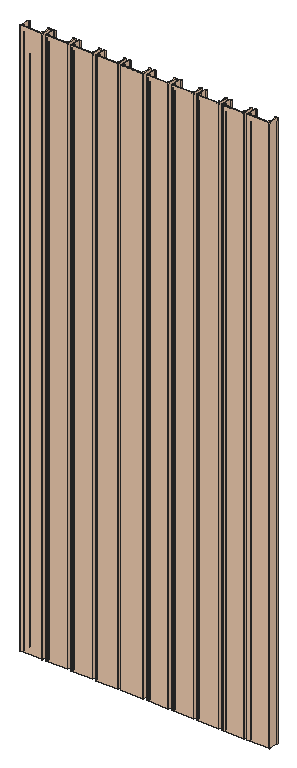
Revit family "Click Beam 40", category Mechanical Equipment, Revit 2017
Family settings
  Round Connector Dimension = Use Diameter
  Part Type = Normal
  Work Plane-Based = No
  Always vertical = Yes
  Cut with Voids When Loaded = No
  Shared = No
  Room Calculation Point = No
Parameters (values of type "Oak")
  URL = "https://gtoaluminum.com/product/click-40/"
  Single = Panel Number = 1  # no
  Panel Number = 10
  Distance between beam = 5 mm
  Array Number = if(Panel Number = 1, 2, Panel Number)  # 10
  Model = "Click 40"
  Manufacturer = "gtoaluminum"
  Height = 1000 mm
  Finish = Wood (Oak)
  Dimensions = "1.57”W x 0.70”H x 19’L | 0.047” thickness"
  Description = "This profile is our best-selling item within the 4cm cladding category. It is perfect for covering cracks, peelings, and marks on walls without the need for wall treatment. It can be used for pergolas, fences, doors, ceilings, and both interior and exterior walls. It comes in different shades of wood and other colors or can be painted in a custom color. The installation is straightforward, and the finishing looks seamless without any noticeable screws or marks."
  Bottom Offset = 0 mm
  Array = not(Single)  # yes
Types (8, lengths in mm): name | Panel Number | Distance between beam | Array Number | Height | Finish | Bottom Offset
  (no name) | 10 | 5 | 10 | 1000 | Wood (Oak) | 0
  Espresso | 5 | 5 | 5 | 3000 | Espresso | 50
  Oak | 10 | 5 | 10 | 1000 | Wood (Oak) | 0
  Pine | 5 | 0 | 5 | 3000 | Pine, Scots | 50
  Gray | 5 | 5 | 5 | 3000 | Gray | 50
  Charcol | 15 | 5 | 15 | 1500 | Charcol | 50
  Matte | 5 | 5 | 5 | 3000 | Matte | 50
  gloss | 5 | 5 | 5 | 3000 | Gloss | 50
Reference planes
  plane 1 "Center (Front/Back)": y = 0
  plane 2: z = 0
  plane 3 "Center (Left/Right)": x = 0
  plane 4: x = 40
  plane 5: x = 45
Dimensions and locks
  equal spacing: group 1, group 2, group 3, group 4, group 5, group 6, group 7, group 8, group 9, group 10  (x3)
  locked: plane 3 "Center (Left/Right)" to plane 4 at 40
  "Distance between beam": plane 4 to plane 5
  aligned and locked: level to plane 2
  aligned and locked: plane 3 "Center (Left/Right)" to nested 1
  aligned and locked: plane 3 "Center (Left/Right)" to nested 3
  aligned and locked: plane 5 to nested 2
Nested families
  nested 1: "profile" at (0, 0, 0), visible <- "Array", type "profile"
    with Height 1000 mm, Bottom Offset 0 mm
  nested 2: "profile" at (45, 0, 0), visible <- "Array", type "profile"
    with Height 1000 mm, Bottom Offset 0 mm
  nested 3: "profile" at (0, 0, 0), visible <- "Single", type "profile"
    with Height 1000 mm, Bottom Offset 0 mm
  nested 4: "profile" at (90, 0, 0), visible <- "Array", type "profile"
    with Height 1000 mm, Bottom Offset 0 mm
  nested 5: "profile" at (135, 0, 0), visible <- "Array", type "profile"
    with Height 1000 mm, Bottom Offset 0 mm
  nested 6: "profile" at (180, 0, 0), visible <- "Array", type "profile"
    with Height 1000 mm, Bottom Offset 0 mm
  nested 7: "profile" at (225, 0, 0), visible <- "Array", type "profile"
    with Height 1000 mm, Bottom Offset 0 mm
  nested 8: "profile" at (270, 0, 0), visible <- "Array", type "profile"
    with Height 1000 mm, Bottom Offset 0 mm
  nested 9: "profile" at (315, 0, 0), visible <- "Array", type "profile"
    with Height 1000 mm, Bottom Offset 0 mm
  nested 10: "profile" at (360, 0, 0), visible <- "Array", type "profile"
    with Height 1000 mm, Bottom Offset 0 mm
  nested 11: "profile" at (405, 0, 0), visible <- "Array", type "profile"
    with Height 1000 mm, Bottom Offset 0 mm
Definition of nested family "profile"
  Parameters (values of type "profile")
    Height = 1500 mm
    Finish = none
    Bottom Offset = 50 mm
  Reference planes
    plane 1 "Center (Front/Back)": y = 0
    plane 2: z = 0
    plane 3 "Center (Left/Right)": x = 0
    plane 4: z = 1500
    plane 5: z = 50
    plane 6: x = 68.857
  Forms (mm)
    Extrusion 1, solid, material <- "Finish"
      sketch origin (-100, 1.4, 0) x (1, 0, 0) y (0, 1, 0)
        loop
          arc (100, -0.9) -> (100.146, -1.254) -> (100.5, -1.4) r 0.5
          line (100.5, -1.4) -> (139.5, -1.4)
          arc (139.5, -1.4) -> (139.854, -1.254) -> (140, -0.9) r 0.5
          line (140, -0.9) -> (140, 16.1)
          arc (140, 16.1) -> (139.854, 16.454) -> (139.5, 16.6) r 0.5
          line (139.5, 16.6) -> (136.656, 16.6)
          arc (136.656, 16.6) -> (136.056, 16) -> (136.656, 15.4) r 0.6
          line (136.656, 15.4) -> (138.3, 15.4)
          arc (138.3, 15.4) -> (138.654, 15.254) -> (138.8, 14.9) r 0.5
          line (138.8, 14.9) -> (138.8, 12.957)
          arc (138.8, 12.957) -> (138.5, 12.45) -> (138.8, 11.943) r 0.579
          line (138.8, 11.943) -> (138.8, 10.957)
          arc (138.8, 10.957) -> (138.5, 10.45) -> (138.8, 9.943) r 0.579
          line (138.8, 9.943) -> (138.8, 8.957)
          arc (138.8, 8.957) -> (138.5, 8.45) -> (138.8, 7.943) r 0.579
          line (138.8, 7.943) -> (138.8, 6.957)
          arc (138.8, 6.957) -> (138.5, 6.45) -> (138.8, 5.943) r 0.579
          line (138.8, 5.943) -> (138.8, 3.3)
          arc (138.8, 3.3) -> (138.654, 2.946) -> (138.3, 2.8) r 0.5
          line (138.3, 2.8) -> (136.908, 2.8)
          arc (136.908, 2.8) -> (136.308, 2.2) -> (136.908, 1.6) r 0.6
          line (136.908, 1.6) -> (138.3, 1.6)
          arc (138.3, 1.6) -> (138.654, 1.454) -> (138.8, 1.1) r 0.5
          line (138.8, 1.1) -> (138.8, 0.3)
          arc (138.8, 0.3) -> (138.654, -0.054) -> (138.3, -0.2) r 0.5
          line (138.3, -0.2) -> (101.7, -0.2)
          arc (101.7, -0.2) -> (101.346, -0.054) -> (101.2, 0.3) r 0.5
          line (101.2, 0.3) -> (101.2, 1.1)
          arc (101.2, 1.1) -> (101.346, 1.454) -> (101.7, 1.6) r 0.5
          line (101.7, 1.6) -> (103.096, 1.6)
          arc (103.096, 1.6) -> (103.696, 2.2) -> (103.096, 2.8) r 0.6
          line (103.096, 2.8) -> (101.7, 2.8)
          arc (101.7, 2.8) -> (101.346, 2.946) -> (101.2, 3.3) r 0.5
          line (101.2, 3.3) -> (101.2, 14.9)
          arc (101.2, 14.9) -> (101.346, 15.254) -> (101.7, 15.4) r 0.5
          line (101.7, 15.4) -> (103.344, 15.4)
          arc (103.344, 15.4) -> (103.944, 16) -> (103.344, 16.6) r 0.6
          line (103.344, 16.6) -> (100.5, 16.6)
          arc (100.5, 16.6) -> (100.146, 16.454) -> (100, 16.1) r 0.5
          line (100, 16.1) -> (100, -0.9)
      from 50 to 1500
  Dimensions and locks
    "Height": plane 4 to plane 2
    "Bottom Offset": plane 5 to level
    aligned and locked: level to plane 2
    aligned and locked: Extrusion 1 to plane 4
    aligned and locked: plane 5 to Extrusion 1
  Automatic sketch dimensions
    Extrusion 1 sketch curve to plane 3 "Center (Left/Right)" = 0 mm
    plane 1 "Center (Front/Back)" to Extrusion 1 sketch curve = 0 mm
    Extrusion 1 sketch curve to plane 1 "Center (Front/Back)" = 0.5 mm
    plane 3 "Center (Left/Right)" to Extrusion 1 sketch curve = 0.5 mm
    plane 3 "Center (Left/Right)" to Extrusion 1 sketch curve = 1.2 mm  (x2)
    Extrusion 1 sketch curve to Extrusion 1 sketch curve = 0.5 mm  (x8)
    Extrusion 1 sketch curve to Extrusion 1 sketch curve = 1.396 mm
    Extrusion 1 sketch curve to Extrusion 1 sketch curve = 1.644 mm  (x2)
    Extrusion 1 sketch curve to plane 1 "Center (Front/Back)" = 16.8 mm
    plane 6 to Extrusion 1 sketch curve = 32.202 mm
    Extrusion 1 sketch curve to plane 1 "Center (Front/Back)" = 4.2 mm
    Extrusion 1 sketch curve to Extrusion 1 sketch curve = 0.252 mm
    Extrusion 1 sketch curve to Extrusion 1 sketch curve = 1.392 mm  (x2)
    Extrusion 1 sketch curve to Extrusion 1 sketch curve = 0 mm  (x4)
    Extrusion 1 sketch curve to Extrusion 1 sketch curve = 0.279 mm  (x4)
    Extrusion 1 sketch curve to Extrusion 1 sketch curve = 1.2 mm  (x2)
    Extrusion 1 sketch curve to plane 1 "Center (Front/Back)" = 1.2 mm
    Extrusion 1 sketch curve to Extrusion 1 sketch curve = 0.8 mm  (x2)
    Extrusion 1 sketch curve to Extrusion 1 sketch curve = 0.6 mm  (x3)
    Extrusion 1 sketch curve to Extrusion 1 sketch curve = 2.643 mm
    Extrusion 1 sketch curve to Extrusion 1 sketch curve = 0.507 mm  (x4)
    Extrusion 1 sketch curve to Extrusion 1 sketch curve = 0.986 mm  (x3)
    Extrusion 1 sketch curve to Extrusion 1 sketch curve = 11.6 mm
